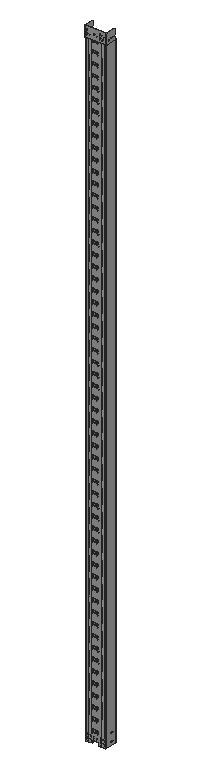
Revit family "Kabelrinne MKSM- MKSM 610 FS", category Generic Models, Revit 2017 (continued)
Forms (mm)
  Extrusion 214, void
    sketch origin (0, 0, 1421.436) x (0, 1, 0) y (0, 0, 1)
      loop
        arc (39.722, 82.75) -> (36.222, 86.25) -> (32.722, 82.75) r 3.5
        line (32.722, 82.75) -> (32.722, 69.75)
    from 49 to 50
  Extrusion 215, void
    sketch origin (0, 0, 1472.202) x (0, 1, 0) y (0, 0, 1)
      loop
        arc (7.722, 69.75) -> (11.222, 66.25) -> (14.722, 69.75) r 3.5
        line (14.722, 69.75) -> (14.722, 82.75)
        arc (14.722, 82.75) -> (11.222, 86.25) -> (7.722, 82.75) r 3.5
        line (7.722, 82.75) -> (7.722, 69.75)
      loop
        arc (32.722, 69.75) -> (36.222, 66.25) -> (39.722, 69.75) r 3.5
        line (39.722, 69.75) -> (39.722, 82.75)
        arc (39.722, 82.75) -> (36.222, 86.25) -> (32.722, 82.75) r 3.5
        line (32.722, 82.75) -> (32.722, 69.75)
    from 49 to 50
  Extrusion 216, void
    sketch origin (0, 0, 1522.967) x (0, 1, 0) y (0, 0, 1)
      loop
        arc (7.722, 69.75) -> (11.222, 66.25) -> (14.722, 69.75) r 3.5
        line (14.722, 69.75) -> (14.722, 82.75)
        arc (14.722, 82.75) -> (11.222, 86.25) -> (7.722, 82.75) r 3.5
        line (7.722, 82.75) -> (7.722, 69.75)
      loop
        arc (32.722, 69.75) -> (36.222, 66.25) -> (39.722, 69.75) r 3.5
        line (39.722, 69.75) -> (39.722, 82.75)
        arc (39.722, 82.75) -> (36.222, 86.25) -> (32.722, 82.75) r 3.5
        line (32.722, 82.75) -> (32.722, 69.75)
    from 49 to 50
  Extrusion 217, void
    sketch origin (0, 0, 1573.733) x (0, 1, 0) y (0, 0, 1)
      loop
        arc (7.722, 69.75) -> (11.222, 66.25) -> (14.722, 69.75) r 3.5
        line (14.722, 69.75) -> (14.722, 82.75)
        arc (14.722, 82.75) -> (11.222, 86.25) -> (7.722, 82.75) r 3.5
        line (7.722, 82.75) -> (7.722, 69.75)
      loop
        arc (32.722, 69.75) -> (36.222, 66.25) -> (39.722, 69.75) r 3.5
        line (39.722, 69.75) -> (39.722, 82.75)
        arc (39.722, 82.75) -> (36.222, 86.25) -> (32.722, 82.75) r 3.5
        line (32.722, 82.75) -> (32.722, 69.75)
    from 49 to 50
  Extrusion 218, void
    sketch origin (0, 0, 1624.498) x (0, 1, 0) y (0, 0, 1)
      loop
        arc (7.722, 69.75) -> (11.222, 66.25) -> (14.722, 69.75) r 3.5
        line (14.722, 69.75) -> (14.722, 82.75)
        arc (14.722, 82.75) -> (11.222, 86.25) -> (7.722, 82.75) r 3.5
        line (7.722, 82.75) -> (7.722, 69.75)
      loop
        arc (32.722, 69.75) -> (36.222, 66.25) -> (39.722, 69.75) r 3.5
        line (39.722, 69.75) -> (39.722, 82.75)
        arc (39.722, 82.75) -> (36.222, 86.25) -> (32.722, 82.75) r 3.5
        line (32.722, 82.75) -> (32.722, 69.75)
    from 49 to 50
  Extrusion 219, void
    sketch origin (0, 0, 1675.264) x (0, 1, 0) y (0, 0, 1)
      loop
        arc (7.722, 69.75) -> (11.222, 66.25) -> (14.722, 69.75) r 3.5
        line (14.722, 69.75) -> (14.722, 82.75)
        arc (14.722, 82.75) -> (11.222, 86.25) -> (7.722, 82.75) r 3.5
        line (7.722, 82.75) -> (7.722, 69.75)
      loop
        arc (32.722, 69.75) -> (36.222, 66.25) -> (39.722, 69.75) r 3.5
        line (39.722, 69.75) -> (39.722, 82.75)
        arc (39.722, 82.75) -> (36.222, 86.25) -> (32.722, 82.75) r 3.5
        line (32.722, 82.75) -> (32.722, 69.75)
    from 49 to 50
  Extrusion 220, void
    sketch origin (0, 0, 1726.03) x (0, 1, 0) y (0, 0, 1)
      loop
        arc (7.722, 69.75) -> (11.222, 66.25) -> (14.722, 69.75) r 3.5
        line (14.722, 69.75) -> (14.722, 82.75)
        arc (14.722, 82.75) -> (11.222, 86.25) -> (7.722, 82.75) r 3.5
        line (7.722, 82.75) -> (7.722, 69.75)
      loop
        arc (32.722, 69.75) -> (36.222, 66.25) -> (39.722, 69.75) r 3.5
        line (39.722, 69.75) -> (39.722, 82.75)
        arc (39.722, 82.75) -> (36.222, 86.25) -> (32.722, 82.75) r 3.5
        line (32.722, 82.75) -> (32.722, 69.75)
    from 49 to 50
  Extrusion 221, void
    sketch origin (0, 0, 1776.795) x (0, 1, 0) y (0, 0, 1)
      loop
        arc (7.722, 69.75) -> (11.222, 66.25) -> (14.722, 69.75) r 3.5
        line (14.722, 69.75) -> (14.722, 82.75)
        arc (14.722, 82.75) -> (11.222, 86.25) -> (7.722, 82.75) r 3.5
        line (7.722, 82.75) -> (7.722, 69.75)
      loop
        arc (32.722, 69.75) -> (36.222, 66.25) -> (39.722, 69.75) r 3.5
        line (39.722, 69.75) -> (39.722, 82.75)
        arc (39.722, 82.75) -> (36.222, 86.25) -> (32.722, 82.75) r 3.5
        line (32.722, 82.75) -> (32.722, 69.75)
    from 49 to 50
  Extrusion 222, void
    sketch origin (0, 0, 1827.561) x (0, 1, 0) y (0, 0, 1)
      loop
        arc (7.722, 69.75) -> (11.222, 66.25) -> (14.722, 69.75) r 3.5
        line (14.722, 69.75) -> (14.722, 82.75)
        arc (14.722, 82.75) -> (11.222, 86.25) -> (7.722, 82.75) r 3.5
        line (7.722, 82.75) -> (7.722, 69.75)
      loop
        arc (32.722, 69.75) -> (36.222, 66.25) -> (39.722, 69.75) r 3.5
        line (39.722, 69.75) -> (39.722, 82.75)
        arc (39.722, 82.75) -> (36.222, 86.25) -> (32.722, 82.75) r 3.5
        line (32.722, 82.75) -> (32.722, 69.75)
    from 49 to 50
  Extrusion 223, void
    sketch origin (0, 0, 1878.326) x (0, 1, 0) y (0, 0, 1)
      loop
        arc (7.722, 69.75) -> (11.222, 66.25) -> (14.722, 69.75) r 3.5
        line (14.722, 69.75) -> (14.722, 82.75)
        arc (14.722, 82.75) -> (11.222, 86.25) -> (7.722, 82.75) r 3.5
        line (7.722, 82.75) -> (7.722, 69.75)
      loop
        arc (32.722, 69.75) -> (36.222, 66.25) -> (39.722, 69.75) r 3.5
        line (39.722, 69.75) -> (39.722, 82.75)
        arc (39.722, 82.75) -> (36.222, 86.25) -> (32.722, 82.75) r 3.5
        line (32.722, 82.75) -> (32.722, 69.75)
    from 49 to 50
  Extrusion 224, void
    sketch origin (0, 0, 1929.092) x (0, 1, 0) y (0, 0, 1)
      loop
        arc (7.722, 69.75) -> (11.222, 66.25) -> (14.722, 69.75) r 3.5
        line (14.722, 69.75) -> (14.722, 82.75)
        arc (14.722, 82.75) -> (11.222, 86.25) -> (7.722, 82.75) r 3.5
        line (7.722, 82.75) -> (7.722, 69.75)
      loop
        arc (32.722, 69.75) -> (36.222, 66.25) -> (39.722, 69.75) r 3.5
        line (39.722, 69.75) -> (39.722, 82.75)
        arc (39.722, 82.75) -> (36.222, 86.25) -> (32.722, 82.75) r 3.5
        line (32.722, 82.75) -> (32.722, 69.75)
    from 49 to 50
  Extrusion 225, void
    sketch origin (0, 0, 1979.857) x (0, 1, 0) y (0, 0, 1)
      loop
        arc (7.722, 69.75) -> (11.222, 66.25) -> (14.722, 69.75) r 3.5
        line (14.722, 69.75) -> (14.722, 82.75)
        arc (14.722, 82.75) -> (11.222, 86.25) -> (7.722, 82.75) r 3.5
        line (7.722, 82.75) -> (7.722, 69.75)
      loop
        arc (32.722, 69.75) -> (36.222, 66.25) -> (39.722, 69.75) r 3.5
        line (39.722, 69.75) -> (39.722, 82.75)
        arc (39.722, 82.75) -> (36.222, 86.25) -> (32.722, 82.75) r 3.5
        line (32.722, 82.75) -> (32.722, 69.75)
    from 49 to 50
  Extrusion 226, void
    sketch origin (0, 0, 2030.623) x (0, 1, 0) y (0, 0, 1)
      loop
        arc (7.722, 69.75) -> (11.222, 66.25) -> (14.722, 69.75) r 3.5
        line (14.722, 69.75) -> (14.722, 82.75)
        arc (14.722, 82.75) -> (11.222, 86.25) -> (7.722, 82.75) r 3.5
        line (7.722, 82.75) -> (7.722, 69.75)
      loop
        arc (32.722, 69.75) -> (36.222, 66.25) -> (39.722, 69.75) r 3.5
        line (39.722, 69.75) -> (39.722, 82.75)
        arc (39.722, 82.75) -> (36.222, 86.25) -> (32.722, 82.75) r 3.5
        line (32.722, 82.75) -> (32.722, 69.75)
    from 49 to 50
  Extrusion 227, void
    sketch origin (0, 0, 2081.389) x (0, 1, 0) y (0, 0, 1)
      loop
        arc (7.722, 69.75) -> (11.222, 66.25) -> (14.722, 69.75) r 3.5
        line (14.722, 69.75) -> (14.722, 82.75)
        arc (14.722, 82.75) -> (11.222, 86.25) -> (7.722, 82.75) r 3.5
        line (7.722, 82.75) -> (7.722, 69.75)
      loop
        arc (32.722, 69.75) -> (36.222, 66.25) -> (39.722, 69.75) r 3.5
        line (39.722, 69.75) -> (39.722, 82.75)
        arc (39.722, 82.75) -> (36.222, 86.25) -> (32.722, 82.75) r 3.5
        line (32.722, 82.75) -> (32.722, 69.75)
    from 49 to 50
  Extrusion 228, void
    sketch origin (0, 0, 2132.154) x (0, 1, 0) y (0, 0, 1)
      loop
        arc (7.722, 69.75) -> (11.222, 66.25) -> (14.722, 69.75) r 3.5
        line (14.722, 69.75) -> (14.722, 82.75)
        arc (14.722, 82.75) -> (11.222, 86.25) -> (7.722, 82.75) r 3.5
        line (7.722, 82.75) -> (7.722, 69.75)
      loop
        arc (32.722, 69.75) -> (36.222, 66.25) -> (39.722, 69.75) r 3.5
        line (39.722, 69.75) -> (39.722, 82.75)
        arc (39.722, 82.75) -> (36.222, 86.25) -> (32.722, 82.75) r 3.5
        line (32.722, 82.75) -> (32.722, 69.75)
    from 49 to 50
  Extrusion 229, void
    sketch origin (0, 0, 2182.92) x (0, 1, 0) y (0, 0, 1)
      loop
        arc (7.722, 69.75) -> (11.222, 66.25) -> (14.722, 69.75) r 3.5
        line (14.722, 69.75) -> (14.722, 82.75)
        arc (14.722, 82.75) -> (11.222, 86.25) -> (7.722, 82.75) r 3.5
        line (7.722, 82.75) -> (7.722, 69.75)
      loop
        arc (32.722, 69.75) -> (36.222, 66.25) -> (39.722, 69.75) r 3.5
        line (39.722, 69.75) -> (39.722, 82.75)
        arc (39.722, 82.75) -> (36.222, 86.25) -> (32.722, 82.75) r 3.5
        line (32.722, 82.75) -> (32.722, 69.75)
    from 49 to 50
  Extrusion 230, void
    sketch origin (0, 0, 2233.685) x (0, 1, 0) y (0, 0, 1)
      loop
        arc (7.722, 69.75) -> (11.222, 66.25) -> (14.722, 69.75) r 3.5
        line (14.722, 69.75) -> (14.722, 82.75)
        arc (14.722, 82.75) -> (11.222, 86.25) -> (7.722, 82.75) r 3.5
        line (7.722, 82.75) -> (7.722, 69.75)
      loop
        arc (32.722, 69.75) -> (36.222, 66.25) -> (39.722, 69.75) r 3.5
        line (39.722, 69.75) -> (39.722, 82.75)
        arc (39.722, 82.75) -> (36.222, 86.25) -> (32.722, 82.75) r 3.5
        line (32.722, 82.75) -> (32.722, 69.75)
    from 49 to 50
  Extrusion 231, void
    sketch origin (0, 0, 2284.451) x (0, 1, 0) y (0, 0, 1)
      loop
        arc (7.722, 69.75) -> (11.222, 66.25) -> (14.722, 69.75) r 3.5
        line (14.722, 69.75) -> (14.722, 82.75)
        arc (14.722, 82.75) -> (11.222, 86.25) -> (7.722, 82.75) r 3.5
        line (7.722, 82.75) -> (7.722, 69.75)
      loop
        arc (32.722, 69.75) -> (36.222, 66.25) -> (39.722, 69.75) r 3.5
        line (39.722, 69.75) -> (39.722, 82.75)
        arc (39.722, 82.75) -> (36.222, 86.25) -> (32.722, 82.75) r 3.5
        line (32.722, 82.75) -> (32.722, 69.75)
    from 49 to 50
  Extrusion 232, void
    sketch origin (0, 0, 2335.216) x (0, 1, 0) y (0, 0, 1)
      loop
        arc (7.722, 69.75) -> (11.222, 66.25) -> (14.722, 69.75) r 3.5
        line (14.722, 69.75) -> (14.722, 82.75)
        arc (14.722, 82.75) -> (11.222, 86.25) -> (7.722, 82.75) r 3.5
        line (7.722, 82.75) -> (7.722, 69.75)
      loop
        arc (32.722, 69.75) -> (36.222, 66.25) -> (39.722, 69.75) r 3.5
        line (39.722, 69.75) -> (39.722, 82.75)
        arc (39.722, 82.75) -> (36.222, 86.25) -> (32.722, 82.75) r 3.5
        line (32.722, 82.75) -> (32.722, 69.75)
    from 49 to 50
  Extrusion 233, void
    sketch origin (0, 0, 2385.982) x (0, 1, 0) y (0, 0, 1)
      loop
        arc (7.722, 69.75) -> (11.222, 66.25) -> (14.722, 69.75) r 3.5
        line (14.722, 69.75) -> (14.722, 82.75)
        arc (14.722, 82.75) -> (11.222, 86.25) -> (7.722, 82.75) r 3.5
        line (7.722, 82.75) -> (7.722, 69.75)
      loop
        arc (32.722, 69.75) -> (36.222, 66.25) -> (39.722, 69.75) r 3.5
        line (39.722, 69.75) -> (39.722, 82.75)
        arc (39.722, 82.75) -> (36.222, 86.25) -> (32.722, 82.75) r 3.5
        line (32.722, 82.75) -> (32.722, 69.75)
    from 49 to 50
  Extrusion 234, void
    sketch origin (0, 0, 2436.748) x (0, 1, 0) y (0, 0, 1)
      loop
        arc (7.722, 69.75) -> (11.222, 66.25) -> (14.722, 69.75) r 3.5
        line (14.722, 69.75) -> (14.722, 82.75)
        arc (14.722, 82.75) -> (11.222, 86.25) -> (7.722, 82.75) r 3.5
        line (7.722, 82.75) -> (7.722, 69.75)
      loop
        arc (32.722, 69.75) -> (36.222, 66.25) -> (39.722, 69.75) r 3.5
        line (39.722, 69.75) -> (39.722, 82.75)
        arc (39.722, 82.75) -> (36.222, 86.25) -> (32.722, 82.75) r 3.5
        line (32.722, 82.75) -> (32.722, 69.75)
    from 49 to 50
  Extrusion 235, void
    sketch origin (0, 0, 2487.513) x (0, 1, 0) y (0, 0, 1)
      loop
        arc (7.722, 69.75) -> (11.222, 66.25) -> (14.722, 69.75) r 3.5
        line (14.722, 69.75) -> (14.722, 82.75)
        arc (14.722, 82.75) -> (11.222, 86.25) -> (7.722, 82.75) r 3.5
        line (7.722, 82.75) -> (7.722, 69.75)
      loop
        arc (32.722, 69.75) -> (36.222, 66.25) -> (39.722, 69.75) r 3.5
        line (39.722, 69.75) -> (39.722, 82.75)
        arc (39.722, 82.75) -> (36.222, 86.25) -> (32.722, 82.75) r 3.5
        line (32.722, 82.75) -> (32.722, 69.75)
    from 49 to 50
  Extrusion 236, void
    sketch origin (0, 0, 2538.279) x (0, 1, 0) y (0, 0, 1)
      loop
        arc (7.722, 69.75) -> (11.222, 66.25) -> (14.722, 69.75) r 3.5
        line (14.722, 69.75) -> (14.722, 82.75)
        arc (14.722, 82.75) -> (11.222, 86.25) -> (7.722, 82.75) r 3.5
        line (7.722, 82.75) -> (7.722, 69.75)
      loop
        arc (32.722, 69.75) -> (36.222, 66.25) -> (39.722, 69.75) r 3.5
        line (39.722, 69.75) -> (39.722, 82.75)
        arc (39.722, 82.75) -> (36.222, 86.25) -> (32.722, 82.75) r 3.5
        line (32.722, 82.75) -> (32.722, 69.75)
    from 49 to 50
  Extrusion 237, void
    sketch origin (0, 0, 2589.044) x (0, 1, 0) y (0, 0, 1)
      loop
        arc (7.722, 69.75) -> (11.222, 66.25) -> (14.722, 69.75) r 3.5
        line (14.722, 69.75) -> (14.722, 82.75)
        arc (14.722, 82.75) -> (11.222, 86.25) -> (7.722, 82.75) r 3.5
        line (7.722, 82.75) -> (7.722, 69.75)
      loop
        arc (32.722, 69.75) -> (36.222, 66.25) -> (39.722, 69.75) r 3.5
        line (39.722, 69.75) -> (39.722, 82.75)
        arc (39.722, 82.75) -> (36.222, 86.25) -> (32.722, 82.75) r 3.5
        line (32.722, 82.75) -> (32.722, 69.75)
    from 49 to 50
  Extrusion 238, void
    sketch origin (0, 0, 2639.81) x (0, 1, 0) y (0, 0, 1)
      loop
        arc (7.722, 69.75) -> (11.222, 66.25) -> (14.722, 69.75) r 3.5
        line (14.722, 69.75) -> (14.722, 82.75)
        arc (14.722, 82.75) -> (11.222, 86.25) -> (7.722, 82.75) r 3.5
        line (7.722, 82.75) -> (7.722, 69.75)
      loop
        arc (32.722, 69.75) -> (36.222, 66.25) -> (39.722, 69.75) r 3.5
        line (39.722, 69.75) -> (39.722, 82.75)
        arc (39.722, 82.75) -> (36.222, 86.25) -> (32.722, 82.75) r 3.5
        line (32.722, 82.75) -> (32.722, 69.75)
    from 49 to 50
  Extrusion 239, void
    sketch origin (0, 0, 2690.575) x (0, 1, 0) y (0, 0, 1)
      loop
        arc (7.722, 69.75) -> (11.222, 66.25) -> (14.722, 69.75) r 3.5
        line (14.722, 69.75) -> (14.722, 82.75)
        arc (14.722, 82.75) -> (11.222, 86.25) -> (7.722, 82.75) r 3.5
        line (7.722, 82.75) -> (7.722, 69.75)
      loop
        arc (32.722, 69.75) -> (36.222, 66.25) -> (39.722, 69.75) r 3.5
        line (39.722, 69.75) -> (39.722, 82.75)
        arc (39.722, 82.75) -> (36.222, 86.25) -> (32.722, 82.75) r 3.5
        line (32.722, 82.75) -> (32.722, 69.75)
    from 49 to 50
  Extrusion 240, void
    sketch origin (0, 0, 2741.341) x (0, 1, 0) y (0, 0, 1)
      loop
        arc (7.722, 69.75) -> (11.222, 66.25) -> (14.722, 69.75) r 3.5
        line (14.722, 69.75) -> (14.722, 82.75)
        arc (14.722, 82.75) -> (11.222, 86.25) -> (7.722, 82.75) r 3.5
        line (7.722, 82.75) -> (7.722, 69.75)
      loop
        arc (32.722, 69.75) -> (36.222, 66.25) -> (39.722, 69.75) r 3.5
        line (39.722, 69.75) -> (39.722, 82.75)
        arc (39.722, 82.75) -> (36.222, 86.25) -> (32.722, 82.75) r 3.5
        line (32.722, 82.75) -> (32.722, 69.75)
    from 49 to 50
  Extrusion 241, void
    sketch origin (0, 0, 2792.107) x (0, 1, 0) y (0, 0, 1)
      loop
        arc (7.722, 69.75) -> (11.222, 66.25) -> (14.722, 69.75) r 3.5
        line (14.722, 69.75) -> (14.722, 82.75)
        arc (14.722, 82.75) -> (11.222, 86.25) -> (7.722, 82.75) r 3.5
        line (7.722, 82.75) -> (7.722, 69.75)
      loop
        arc (32.722, 69.75) -> (36.222, 66.25) -> (39.722, 69.75) r 3.5
        line (39.722, 69.75) -> (39.722, 82.75)
        arc (39.722, 82.75) -> (36.222, 86.25) -> (32.722, 82.75) r 3.5
        line (32.722, 82.75) -> (32.722, 69.75)
    from 49 to 50
  Extrusion 242, void
    sketch origin (0, 0, 2842.872) x (0, 1, 0) y (0, 0, 1)
      loop
        arc (7.722, 69.75) -> (11.222, 66.25) -> (14.722, 69.75) r 3.5
        line (14.722, 69.75) -> (14.722, 82.75)
        arc (14.722, 82.75) -> (11.222, 86.25) -> (7.722, 82.75) r 3.5
        line (7.722, 82.75) -> (7.722, 69.75)
      loop
        arc (32.722, 69.75) -> (36.222, 66.25) -> (39.722, 69.75) r 3.5
        line (39.722, 69.75) -> (39.722, 82.75)
        arc (39.722, 82.75) -> (36.222, 86.25) -> (32.722, 82.75) r 3.5
        line (32.722, 82.75) -> (32.722, 69.75)
    from 49 to 50
  Extrusion 243, void
    sketch origin (0, 0, 2893.638) x (0, 1, 0) y (0, 0, 1)
      loop
        arc (7.722, 69.75) -> (11.222, 66.25) -> (14.722, 69.75) r 3.5
        line (14.722, 69.75) -> (14.722, 82.75)
        arc (14.722, 82.75) -> (11.222, 86.25) -> (7.722, 82.75) r 3.5
        line (7.722, 82.75) -> (7.722, 69.75)
      loop
        arc (32.722, 69.75) -> (36.222, 66.25) -> (39.722, 69.75) r 3.5
        line (39.722, 69.75) -> (39.722, 82.75)
        arc (39.722, 82.75) -> (36.222, 86.25) -> (32.722, 82.75) r 3.5
        line (32.722, 82.75) -> (32.722, 69.75)
    from 49 to 50
Cuts and joins
  Extrusion 3, Extrusion 4, Extrusion 5, Extrusion 8 cuts Extrusion 2
  Extrusion 6, Extrusion 7, Extrusion 9, Extrusion 10, Extrusion 11, Extrusion 12, Extrusion 13, Extrusion 14, Extrusion 15, Extrusion 16, Extrusion 17, Extrusion 18, Extrusion 19, Extrusion 20, Extrusion 21, Extrusion 22, Extrusion 23, Extrusion 24, Extrusion 25, Extrusion 26, Extrusion 27, Extrusion 28, Extrusion 29, Extrusion 30, Extrusion 31, Extrusion 32, Extrusion 33, Extrusion 34, Extrusion 35, Extrusion 36, Extrusion 37, Extrusion 38, Extrusion 39, Extrusion 40, Extrusion 41, Extrusion 42, Extrusion 43, Extrusion 44, Extrusion 45, Extrusion 46, Extrusion 47, Extrusion 48, Extrusion 49, Extrusion 50, Extrusion 51, Extrusion 52, Extrusion 53, Extrusion 54, Extrusion 55, Extrusion 56, Extrusion 57, Extrusion 58, Extrusion 59, Extrusion 60, Extrusion 61, Extrusion 62, Extrusion 63, Extrusion 64, Extrusion 65, Extrusion 66, Extrusion 67, Extrusion 68, Extrusion 69, Extrusion 70, Extrusion 71, Extrusion 72, Extrusion 73, Extrusion 74, Extrusion 75, Extrusion 76, Extrusion 77, Extrusion 78, Extrusion 79, Extrusion 80, Extrusion 81, Extrusion 82, Extrusion 83, Extrusion 84, Extrusion 85, Extrusion 86, Extrusion 87, Extrusion 88, Extrusion 89, Extrusion 90, Extrusion 91, Extrusion 92, Extrusion 93, Extrusion 94, Extrusion 95, Extrusion 96, Extrusion 97, Extrusion 98, Extrusion 99, Extrusion 100, Extrusion 101, Extrusion 102, Extrusion 103, Extrusion 104, Extrusion 105, Extrusion 106, Extrusion 107, Extrusion 108, Extrusion 109, Extrusion 110, Extrusion 111, Extrusion 112, Extrusion 113, Extrusion 114, Extrusion 115, Extrusion 116, Extrusion 117, Extrusion 118, Extrusion 119, Extrusion 120, Extrusion 121, Extrusion 122, Extrusion 123, Extrusion 124, Extrusion 125, Extrusion 126, Extrusion 127, Extrusion 128, Extrusion 129, Extrusion 130, Extrusion 131, Extrusion 132, Extrusion 133, Extrusion 134, Extrusion 135, Extrusion 136, Extrusion 137, Extrusion 138, Extrusion 139, Extrusion 140, Extrusion 141, Extrusion 142, Extrusion 143, Extrusion 144, Extrusion 145, Extrusion 146, Extrusion 147, Extrusion 148, Extrusion 149, Extrusion 150, Extrusion 151, Extrusion 152, Extrusion 153, Extrusion 154, Extrusion 155, Extrusion 156, Extrusion 157, Extrusion 158, Extrusion 159, Extrusion 160, Extrusion 161, Extrusion 162, Extrusion 163, Extrusion 164, Extrusion 165, Extrusion 166, Extrusion 167, Extrusion 168, Extrusion 169, Extrusion 170, Extrusion 171, Extrusion 172, Extrusion 173, Extrusion 174, Extrusion 175, Extrusion 176, Extrusion 177, Extrusion 178, Extrusion 179, Extrusion 180, Extrusion 181, Extrusion 182, Extrusion 183, Extrusion 184, Extrusion 185, Extrusion 186, Extrusion 187, Extrusion 188, Extrusion 189, Extrusion 190, Extrusion 191, Extrusion 192, Extrusion 193, Extrusion 194, Extrusion 195, Extrusion 196, Extrusion 197, Extrusion 198, Extrusion 199, Extrusion 200, Extrusion 201, Extrusion 202, Extrusion 203, Extrusion 204, Extrusion 205, Extrusion 206, Extrusion 207, Extrusion 208, Extrusion 209, Extrusion 210, Extrusion 211, Extrusion 212, Extrusion 213, Extrusion 214, Extrusion 215, Extrusion 216, Extrusion 217, Extrusion 218, Extrusion 219, Extrusion 220, Extrusion 221, Extrusion 222, Extrusion 223, Extrusion 224, Extrusion 225, Extrusion 226, Extrusion 227, Extrusion 228, Extrusion 229, Extrusion 230, Extrusion 231, Extrusion 232, Extrusion 233, Extrusion 234, Extrusion 235, Extrusion 236, Extrusion 237, Extrusion 238, Extrusion 239, Extrusion 240, Extrusion 241, Extrusion 242, Extrusion 243 cuts Extrusion 1
Dimensions and locks
  "Width": Extrusion 1 sketch curve to Extrusion 1 sketch curve
  "Width 1": plane 3 "Center (Left/Right)" to Extrusion 1 sketch curve
  locked: plane 6 to plane 3 "Center (Left/Right)" at 31
  locked: plane 3 "Center (Left/Right)" to plane 7 at 31
  locked: plane 8 to plane 1 "Center (Front/Back)" at 3.5
  locked: Extrusion 1 sketch curve to Extrusion 1 sketch curve at 1  (x7)
  Extrusion 1 sketch curve to Extrusion 1 sketch curve = 1 mm
  locked: Extrusion 1 sketch curve to Extrusion 1 sketch curve at 8.999
  locked: Extrusion 1 sketch curve to Extrusion 1 sketch curve at 8.962
  locked: Extrusion 1 sketch curve to Extrusion 1 sketch curve at 7.999
  locked: Extrusion 1 sketch curve to Extrusion 1 sketch curve at 7.962
  locked: Extrusion 1 sketch curve to Extrusion 1 sketch curve at 4.113
  locked: Extrusion 1 sketch curve to Extrusion 1 sketch curve at 3.155
  locked: Extrusion 1 sketch curve to Extrusion 1 sketch curve at 3.113
  locked: Extrusion 1 sketch curve to Extrusion 1 sketch curve at 2.912
  locked: Extrusion 1 sketch curve to plane 1 "Center (Front/Back)" at 3.155
  locked: plane 1 "Center (Front/Back)" to Extrusion 1 sketch curve at 51.001
  locked: plane 1 "Center (Front/Back)" to Extrusion 1 sketch curve at 51.033
  locked: plane 9 to level at 3000
  locked: plane 12 to plane 3 "Center (Left/Right)" at 51.75
  locked: plane 3 "Center (Left/Right)" to plane 13 at 51.75
  locked: plane 11 to plane 1 "Center (Front/Back)" at 1.75
  locked: plane 1 "Center (Front/Back)" to plane 10 at 48.25
  locked: Extrusion 2 sketch curve to Extrusion 2 sketch curve at 1  (x3)
  locked: Extrusion 2 sketch curve to Extrusion 2 sketch curve at 50  (x2)
  locked: Extrusion 2 sketch curve to Extrusion 1 at 0.75
  "Width 2": Extrusion 2 sketch curve to Extrusion 2 sketch curve
  "Width/2": plane 3 "Center (Left/Right)" to Extrusion 2 sketch curve
  locked: plane 14 to plane 9 at 51.5
  locked: Extrusion 1 to plane 15 at 17.5
  locked: plane 16 to plane 15 at 4.25
  locked: Extrusion 3 sketch curve to Extrusion 3 sketch curve at 8.5
  locked: Extrusion 3 sketch curve to plane 16 at 4.25
  locked: plane 19 to plane 18 at 8.5
  locked: Extrusion 3 sketch curve to plane 19 at 8.5
  locked: plane 19 to Extrusion 3 sketch curve at 8.5
  locked: cut or joined group of Extrusion 2, Extrusion 3, Extrusion 4, Extrusion 5, Extrusion 8 to plane 20 at 30
  locked: plane 22 to plane 21 at 22.25
  plane 22 to Extrusion 4 sketch curve = 29.6 mm
  locked: cut or joined group of Extrusion 2, Extrusion 3, Extrusion 4, Extrusion 5, Extrusion 8 to plane 23 at 15
  locked: Extrusion 4 sketch curve to Extrusion 4 sketch curve at 4
  locked: Extrusion 4 sketch curve to plane 23 at 4.99
  locked: plane 23 to Extrusion 4 sketch curve at 5
  locked: plane 25 to Extrusion 1 at 17.5
  locked: plane 25 to plane 28 at 8.5
  locked: cut or joined group of Extrusion 2, Extrusion 3, Extrusion 4, Extrusion 5, Extrusion 8 to plane 27 at 28
  locked: plane 29 to plane 24 at 22.25
  locked: cut or joined group of Extrusion 2, Extrusion 3, Extrusion 4, Extrusion 5, Extrusion 8 to plane 30 at 30
  locked: plane 30 to plane 31 at 5
  cut or joined group of Extrusion 2, Extrusion 3, Extrusion 4, Extrusion 5, Extrusion 8 to plane 37 = 10 mm
  locked: cut or joined group of Extrusion 2, Extrusion 3, Extrusion 4, Extrusion 5, Extrusion 8 to plane 38 at 20
  locked: plane 36 to plane 24 at 29.6
  locked: plane 36 to plane 35 at 4
  locked: Extrusion 1 to plane 39 at 13.5
  locked: Extrusion 1 to plane 40 at 22.75
  Extrusion 1 to plane 41 = 35.85 mm
  locked: Extrusion 1 to plane 42 at 10.3
  locked: Extrusion 6 sketch curve to plane 43 at 12.25
  locked: plane 43 to plane 44 at 4
  locked: plane 45 to plane 43 at 4
  Extrusion 6 sketch curve to Extrusion 6 sketch curve = 8 mm
  locked: Extrusion 6 sketch curve to plane 39 at 4
  locked: plane 47 to Extrusion 6 sketch curve at 30
  locked: Extrusion 1 to plane 48 at 27.5
  locked: Extrusion 6 sketch curve to Extrusion 6 sketch curve at 8  (x2)
  locked: plane 41 to Extrusion 6 sketch curve at 4
  locked: Extrusion 6 sketch curve to plane 48 at 4
  locked: Extrusion 1 to plane 50 at 14
  locked: Extrusion 6 sketch curve to Extrusion 6 sketch curve at 7  (x2)
  locked: plane 50 to Extrusion 6 sketch curve at 3.5
  locked: Extrusion 6 sketch curve to plane 49 at 3.5
  Extrusion 6 sketch curve to plane 41 = 7.5 mm
  locked: Extrusion 6 sketch curve to plane 41 at 7.5
  locked: plane 41 to Extrusion 6 sketch curve at 7.5
  locked: plane 54 to cut or joined group 1 (Extrusion 1, Extrusion 6, Extrusion 7, Extrusion 9, Extrusion 10, Extrusion 11, Extrusion 12, Extrusion 13, Extrusion 14, Extrusion 15, Extrusion 16, Extrusion 17, Extrusion 18, Extrusion 19, Extrusion 20, Extrusion 21, Extrusion 22, Extrusion 23, Extrusion 24, Extrusion 25, Extrusion 26, Extrusion 27, Extrusion 28, Extrusion 29, Extrusion 30, Extrusion 31, Extrusion 32, Extrusion 33, Extrusion 34, Extrusion 35, Extrusion 36, Extrusion 37, Extrusion 38, Extrusion 39, Extrusion 40, Extrusion 41, Extrusion 42, Extrusion 43, Extrusion 44, Extrusion 45, Extrusion 46, Extrusion 47, Extrusion 48, Extrusion 49, Extrusion 50, Extrusion 51, Extrusion 52, Extrusion 53, Extrusion 54, Extrusion 55, Extrusion 56, Extrusion 57, Extrusion 58, Extrusion 59, Extrusion 60, Extrusion 61, Extrusion 62, Extrusion 63, Extrusion 64, Extrusion 65, Extrusion 66, Extrusion 67, Extrusion 68, Extrusion 69, Extrusion 70, Extrusion 71, Extrusion 72, Extrusion 73, Extrusion 74, Extrusion 75, Extrusion 76, Extrusion 77, Extrusion 78, Extrusion 79, Extrusion 80, Extrusion 81, Extrusion 82, Extrusion 83, Extrusion 84, Extrusion 85, Extrusion 86, Extrusion 87, Extrusion 88, Extrusion 89, Extrusion 90, Extrusion 91, Extrusion 92, Extrusion 93, Extrusion 94, Extrusion 95, Extrusion 96, Extrusion 97, Extrusion 98, Extrusion 99, Extrusion 100, Extrusion 101, Extrusion 102, Extrusion 103, Extrusion 104, Extrusion 105, Extrusion 106, Extrusion 107, Extrusion 108, Extrusion 109, Extrusion 110, Extrusion 111, Extrusion 112, Extrusion 113, Extrusion 114, Extrusion 115, Extrusion 116, Extrusion 117, Extrusion 118, Extrusion 119, Extrusion 120, Extrusion 121, Extrusion 122, Extrusion 123, Extrusion 124, Extrusion 125, Extrusion 126, Extrusion 127, Extrusion 128, Extrusion 129, Extrusion 130, Extrusion 131, Extrusion 132, Extrusion 133, Extrusion 134, Extrusion 135, Extrusion 136, Extrusion 137, Extrusion 138, Extrusion 139, Extrusion 140, Extrusion 141, Extrusion 142, Extrusion 143, Extrusion 144, Extrusion 145, Extrusion 146, Extrusion 147, Extrusion 148, Extrusion 149, Extrusion 150, Extrusion 151, Extrusion 152, Extrusion 153, Extrusion 154, Extrusion 155, Extrusion 156, Extrusion 157, Extrusion 158, Extrusion 159, Extrusion 160, Extrusion 161, Extrusion 162, Extrusion 163, Extrusion 164, Extrusion 165, Extrusion 166, Extrusion 167, Extrusion 168, Extrusion 169, Extrusion 170, Extrusion 171, Extrusion 172, Extrusion 173, Extrusion 174, Extrusion 175, Extrusion 176, Extrusion 177, Extrusion 178, Extrusion 179, Extrusion 180, Extrusion 181, Extrusion 182, Extrusion 183, Extrusion 184, Extrusion 185, Extrusion 186, Extrusion 187, Extrusion 188, Extrusion 189, Extrusion 190, Extrusion 191, Extrusion 192, Extrusion 193, Extrusion 194, Extrusion 195, Extrusion 196, Extrusion 197, Extrusion 198, Extrusion 199, Extrusion 200, Extrusion 201, Extrusion 202, Extrusion 203, Extrusion 204, Extrusion 205, Extrusion 206, Extrusion 207, Extrusion 208, Extrusion 209, Extrusion 210, Extrusion 211, Extrusion 212, Extrusion 213, Extrusion 214, Extrusion 215, Extrusion 216, Extrusion 217, Extrusion 218, Extrusion 219, Extrusion 220, Extrusion 221, Extrusion 222, Extrusion 223, Extrusion 224, Extrusion 225, Extrusion 226, Extrusion 227, Extrusion 228, Extrusion 229, Extrusion 230, Extrusion 231, Extrusion 232, Extrusion 233, Extrusion 234, Extrusion 235, Extrusion 236, Extrusion 237, Extrusion 238, Extrusion 239, Extrusion 240, Extrusion 241, Extrusion 242, Extrusion 243) at 13.5
  locked: plane 55 to cut or joined group 1 at 14.744
  locked: plane 57 to cut or joined group 1 at 24.722
  Extrusion 7 sketch curve to Extrusion 7 sketch curve = 7 mm
  Extrusion 7 sketch curve to plane 55 = 2.756 mm
  plane 55 to Extrusion 7 sketch curve = 4.244 mm
  Extrusion 7 sketch curve to plane 53 = 7.5 mm
  plane 53 to Extrusion 7 sketch curve = 7.5 mm
  plane 54 to cut or joined group 1 = 13.5 mm
  locked: cut or joined group 1 to plane 58 at 14.7
  Extrusion 7 sketch curve to Extrusion 7 sketch curve = 8 mm  (x2)
  locked: plane 54 to Extrusion 7 sketch curve at 4
  locked: Extrusion 7 sketch curve to Extrusion 7 sketch curve at 8
  plane 59 to cut or joined group of Extrusion 2, Extrusion 3, Extrusion 4, Extrusion 5, Extrusion 8 = 51 mm
  cut or joined group of Extrusion 2, Extrusion 3, Extrusion 4, Extrusion 5, Extrusion 8 to plane 59 = 50.5 mm
  locked: plane 59 to cut or joined group of Extrusion 2, Extrusion 3, Extrusion 4, Extrusion 5, Extrusion 8 at 51
  plane 60 to cut or joined group of Extrusion 2, Extrusion 3, Extrusion 4, Extrusion 5, Extrusion 8 = 25.42 mm
  locked: Extrusion 8 sketch curve to Extrusion 8 sketch curve at 7  (x3)
  locked: plane 60 to Extrusion 8 sketch curve at 3.5
  locked: plane 59 to Extrusion 8 sketch curve at 8
  locked: Extrusion 8 sketch curve to plane 59 at 8
  plane 59 to plane 61 = 31 mm
  plane 62 to plane 59 = 31 mm
  locked: plane 61 to Extrusion 8 sketch curve at 8
  locked: Extrusion 8 sketch curve to plane 61 at 8
  locked: plane 62 to Extrusion 8 sketch curve at 8
  Extrusion 8 sketch curve to plane 62 = 8 mm
  locked: Extrusion 8 sketch curve to Extrusion 8 sketch curve at 7.6  (x4)
  locked: Extrusion 9 sketch curve to Extrusion 9 sketch curve at 17.983
  locked: Extrusion 9 sketch curve to Extrusion 9 sketch curve at 30
  locked: Extrusion 10 sketch curve to Extrusion 10 sketch curve at 17.983
  locked: Extrusion 10 sketch curve to Extrusion 10 sketch curve at 30
  locked: Extrusion 11 sketch curve to Extrusion 11 sketch curve at 17.983
  locked: Extrusion 11 sketch curve to Extrusion 11 sketch curve at 30
  locked: Extrusion 12 sketch curve to Extrusion 12 sketch curve at 17.983
  locked: Extrusion 12 sketch curve to Extrusion 12 sketch curve at 30
  locked: Extrusion 13 sketch curve to Extrusion 13 sketch curve at 17.983
  locked: Extrusion 13 sketch curve to Extrusion 13 sketch curve at 30
  locked: Extrusion 14 sketch curve to Extrusion 14 sketch curve at 17.983
  locked: Extrusion 14 sketch curve to Extrusion 14 sketch curve at 30
  locked: Extrusion 15 sketch curve to Extrusion 15 sketch curve at 17.983
  locked: Extrusion 15 sketch curve to Extrusion 15 sketch curve at 30
  locked: Extrusion 16 sketch curve to Extrusion 16 sketch curve at 17.983
  locked: Extrusion 16 sketch curve to Extrusion 16 sketch curve at 30
  locked: Extrusion 17 sketch curve to Extrusion 17 sketch curve at 17.983
  locked: Extrusion 17 sketch curve to Extrusion 17 sketch curve at 30
  locked: Extrusion 18 sketch curve to Extrusion 18 sketch curve at 17.983
  locked: Extrusion 18 sketch curve to Extrusion 18 sketch curve at 30
  locked: Extrusion 19 sketch curve to Extrusion 19 sketch curve at 17.983
  locked: Extrusion 19 sketch curve to Extrusion 19 sketch curve at 30
  locked: Extrusion 20 sketch curve to Extrusion 20 sketch curve at 17.983
  locked: Extrusion 20 sketch curve to Extrusion 20 sketch curve at 30
  locked: Extrusion 21 sketch curve to Extrusion 21 sketch curve at 17.983
  locked: Extrusion 21 sketch curve to Extrusion 21 sketch curve at 30
  locked: Extrusion 22 sketch curve to Extrusion 22 sketch curve at 17.983
  locked: Extrusion 22 sketch curve to Extrusion 22 sketch curve at 30
  locked: Extrusion 23 sketch curve to Extrusion 23 sketch curve at 17.983
  locked: Extrusion 23 sketch curve to Extrusion 23 sketch curve at 30
  locked: Extrusion 24 sketch curve to Extrusion 24 sketch curve at 17.983
  locked: Extrusion 24 sketch curve to Extrusion 24 sketch curve at 30
  locked: Extrusion 25 sketch curve to Extrusion 25 sketch curve at 17.983
  locked: Extrusion 25 sketch curve to Extrusion 25 sketch curve at 30
  locked: Extrusion 26 sketch curve to Extrusion 26 sketch curve at 17.983
  locked: Extrusion 26 sketch curve to Extrusion 26 sketch curve at 30
  locked: Extrusion 27 sketch curve to Extrusion 27 sketch curve at 17.983
  locked: Extrusion 27 sketch curve to Extrusion 27 sketch curve at 30
  locked: Extrusion 28 sketch curve to Extrusion 28 sketch curve at 17.983
  locked: Extrusion 28 sketch curve to Extrusion 28 sketch curve at 30
  locked: Extrusion 29 sketch curve to Extrusion 29 sketch curve at 17.983
  locked: Extrusion 29 sketch curve to Extrusion 29 sketch curve at 30
  locked: Extrusion 30 sketch curve to Extrusion 30 sketch curve at 17.983
  locked: Extrusion 30 sketch curve to Extrusion 30 sketch curve at 30
  locked: Extrusion 31 sketch curve to Extrusion 31 sketch curve at 17.983
  locked: Extrusion 31 sketch curve to Extrusion 31 sketch curve at 30
  locked: Extrusion 32 sketch curve to Extrusion 32 sketch curve at 17.983
  locked: Extrusion 32 sketch curve to Extrusion 32 sketch curve at 30
  locked: Extrusion 33 sketch curve to Extrusion 33 sketch curve at 17.983
  locked: Extrusion 33 sketch curve to Extrusion 33 sketch curve at 30
  locked: Extrusion 34 sketch curve to Extrusion 34 sketch curve at 17.983
  locked: Extrusion 34 sketch curve to Extrusion 34 sketch curve at 30
  locked: Extrusion 35 sketch curve to Extrusion 35 sketch curve at 17.983
  locked: Extrusion 35 sketch curve to Extrusion 35 sketch curve at 30
  locked: Extrusion 36 sketch curve to Extrusion 36 sketch curve at 17.983
  locked: Extrusion 36 sketch curve to Extrusion 36 sketch curve at 30
  locked: Extrusion 37 sketch curve to Extrusion 37 sketch curve at 17.983
  locked: Extrusion 37 sketch curve to Extrusion 37 sketch curve at 30
  locked: Extrusion 38 sketch curve to Extrusion 38 sketch curve at 17.983
  locked: Extrusion 38 sketch curve to Extrusion 38 sketch curve at 30
  locked: Extrusion 39 sketch curve to Extrusion 39 sketch curve at 17.983
  locked: Extrusion 39 sketch curve to Extrusion 39 sketch curve at 30
  locked: Extrusion 40 sketch curve to Extrusion 40 sketch curve at 17.983
  locked: Extrusion 40 sketch curve to Extrusion 40 sketch curve at 30
  locked: Extrusion 41 sketch curve to Extrusion 41 sketch curve at 17.983
  locked: Extrusion 41 sketch curve to Extrusion 41 sketch curve at 30
  locked: Extrusion 42 sketch curve to Extrusion 42 sketch curve at 17.983
  locked: Extrusion 42 sketch curve to Extrusion 42 sketch curve at 30
  locked: Extrusion 43 sketch curve to Extrusion 43 sketch curve at 17.983
  locked: Extrusion 43 sketch curve to Extrusion 43 sketch curve at 30
  locked: Extrusion 44 sketch curve to Extrusion 44 sketch curve at 17.983
  locked: Extrusion 44 sketch curve to Extrusion 44 sketch curve at 30
  locked: Extrusion 45 sketch curve to Extrusion 45 sketch curve at 17.983
  locked: Extrusion 45 sketch curve to Extrusion 45 sketch curve at 30
  locked: Extrusion 46 sketch curve to Extrusion 46 sketch curve at 17.983
  locked: Extrusion 46 sketch curve to Extrusion 46 sketch curve at 30
  locked: Extrusion 47 sketch curve to Extrusion 47 sketch curve at 17.983
  locked: Extrusion 47 sketch curve to Extrusion 47 sketch curve at 30
  locked: Extrusion 48 sketch curve to Extrusion 48 sketch curve at 17.983
  locked: Extrusion 48 sketch curve to Extrusion 48 sketch curve at 30
  locked: Extrusion 49 sketch curve to Extrusion 49 sketch curve at 17.983
  locked: Extrusion 49 sketch curve to Extrusion 49 sketch curve at 30
  locked: Extrusion 50 sketch curve to Extrusion 50 sketch curve at 17.983
  locked: Extrusion 50 sketch curve to Extrusion 50 sketch curve at 30
  locked: Extrusion 51 sketch curve to Extrusion 51 sketch curve at 17.983
  locked: Extrusion 51 sketch curve to Extrusion 51 sketch curve at 30
  locked: Extrusion 52 sketch curve to Extrusion 52 sketch curve at 17.983
  locked: Extrusion 52 sketch curve to Extrusion 52 sketch curve at 30
  locked: Extrusion 53 sketch curve to Extrusion 53 sketch curve at 17.983
  locked: Extrusion 53 sketch curve to Extrusion 53 sketch curve at 30
  locked: Extrusion 54 sketch curve to Extrusion 54 sketch curve at 17.983
  locked: Extrusion 54 sketch curve to Extrusion 54 sketch curve at 30
  locked: Extrusion 55 sketch curve to Extrusion 55 sketch curve at 17.983
  locked: Extrusion 55 sketch curve to Extrusion 55 sketch curve at 30
  locked: Extrusion 56 sketch curve to Extrusion 56 sketch curve at 17.983
  locked: Extrusion 56 sketch curve to Extrusion 56 sketch curve at 30
  locked: Extrusion 57 sketch curve to Extrusion 57 sketch curve at 17.983
  locked: Extrusion 57 sketch curve to Extrusion 57 sketch curve at 30
  locked: Extrusion 58 sketch curve to Extrusion 58 sketch curve at 17.983
  locked: Extrusion 58 sketch curve to Extrusion 58 sketch curve at 30
  locked: Extrusion 59 sketch curve to Extrusion 59 sketch curve at 17.983
  locked: Extrusion 59 sketch curve to Extrusion 59 sketch curve at 30
  locked: Extrusion 60 sketch curve to Extrusion 60 sketch curve at 17.983
  locked: Extrusion 60 sketch curve to Extrusion 60 sketch curve at 30
  locked: Extrusion 61 sketch curve to Extrusion 61 sketch curve at 17.983
  locked: Extrusion 61 sketch curve to Extrusion 61 sketch curve at 30
  locked: Extrusion 62 sketch curve to Extrusion 62 sketch curve at 17.983
  locked: Extrusion 62 sketch curve to Extrusion 62 sketch curve at 30
  locked: Extrusion 63 sketch curve to Extrusion 63 sketch curve at 17.983
  locked: Extrusion 63 sketch curve to Extrusion 63 sketch curve at 30
  locked: Extrusion 64 sketch curve to Extrusion 64 sketch curve at 17.983
  locked: Extrusion 64 sketch curve to Extrusion 64 sketch curve at 30
  locked: Extrusion 65 sketch curve to Extrusion 65 sketch curve at 17.983
  locked: Extrusion 65 sketch curve to Extrusion 65 sketch curve at 30
  locked: Extrusion 66 sketch curve to Extrusion 66 sketch curve at 17.983
  locked: Extrusion 66 sketch curve to Extrusion 66 sketch curve at 30
  locked: Extrusion 67 sketch curve to Extrusion 67 sketch curve at 17.983
  locked: Extrusion 67 sketch curve to Extrusion 67 sketch curve at 30
  locked: Extrusion 68 sketch curve to Extrusion 68 sketch curve at 17.983
  locked: Extrusion 68 sketch curve to Extrusion 68 sketch curve at 30
  group 59 to group 60 = 0 mm  (x2)
  group 59 to group 60 = 50.825 mm
  locked: Extrusion 69 sketch curve to Extrusion 69 sketch curve at 5.65
  plane 64 to Extrusion 69 sketch curve = 2.825 mm
  locked: plane 63 to Extrusion 69 sketch curve at 39.1
  locked: Extrusion 69 sketch curve to plane 63 at 39.1
  locked: Extrusion 70 sketch curve to Extrusion 70 sketch curve at 5.65
  plane 67 to Extrusion 70 sketch curve = 2.825 mm
  locked: plane 66 to Extrusion 70 sketch curve at 39.1
  locked: Extrusion 70 sketch curve to plane 66 at 39.1
  equal spacing: group 61, group 62, group 63, group 64, group 65, group 66, group 67, group 68, group 69, group 70, group 71, group 72, group 73, group 74, group 75, group 76, group 77, group 78, group 79, group 80, group 81, group 82, group 83, group 84, group 85, group 86, group 87, group 88  (x3)
  locked: Extrusion 71 sketch curve to Extrusion 71 sketch curve at 5.65
  plane 70 to Extrusion 71 sketch curve = 2.825 mm
  locked: plane 69 to Extrusion 71 sketch curve at 39.1
  locked: Extrusion 71 sketch curve to plane 69 at 39.1
  locked: Extrusion 72 sketch curve to Extrusion 72 sketch curve at 5.65
  plane 73 to Extrusion 72 sketch curve = 2.825 mm
  locked: plane 72 to Extrusion 72 sketch curve at 39.1
  locked: Extrusion 72 sketch curve to plane 72 at 39.1
  locked: Extrusion 73 sketch curve to Extrusion 73 sketch curve at 5.65
  plane 76 to Extrusion 73 sketch curve = 2.825 mm
  locked: plane 75 to Extrusion 73 sketch curve at 39.1
  locked: Extrusion 73 sketch curve to plane 75 at 39.1
  locked: Extrusion 74 sketch curve to Extrusion 74 sketch curve at 5.65
  plane 79 to Extrusion 74 sketch curve = 2.825 mm
  locked: plane 78 to Extrusion 74 sketch curve at 39.1
  locked: Extrusion 74 sketch curve to plane 78 at 39.1
  locked: Extrusion 75 sketch curve to Extrusion 75 sketch curve at 5.65
  plane 82 to Extrusion 75 sketch curve = 2.825 mm
  locked: plane 81 to Extrusion 75 sketch curve at 39.1
  locked: Extrusion 75 sketch curve to plane 81 at 39.1
  locked: Extrusion 76 sketch curve to Extrusion 76 sketch curve at 5.65
  plane 85 to Extrusion 76 sketch curve = 2.825 mm
  locked: plane 84 to Extrusion 76 sketch curve at 39.1
  locked: Extrusion 76 sketch curve to plane 84 at 39.1
  locked: Extrusion 77 sketch curve to Extrusion 77 sketch curve at 5.65
  plane 88 to Extrusion 77 sketch curve = 2.825 mm
  locked: plane 87 to Extrusion 77 sketch curve at 39.1
  locked: Extrusion 77 sketch curve to plane 87 at 39.1
  locked: Extrusion 78 sketch curve to Extrusion 78 sketch curve at 5.65
  plane 91 to Extrusion 78 sketch curve = 2.825 mm
  locked: plane 90 to Extrusion 78 sketch curve at 39.1
  locked: Extrusion 78 sketch curve to plane 90 at 39.1
  locked: Extrusion 79 sketch curve to Extrusion 79 sketch curve at 5.65
  plane 94 to Extrusion 79 sketch curve = 2.825 mm
  locked: plane 93 to Extrusion 79 sketch curve at 39.1
  locked: Extrusion 79 sketch curve to plane 93 at 39.1
  locked: Extrusion 80 sketch curve to Extrusion 80 sketch curve at 5.65
  plane 97 to Extrusion 80 sketch curve = 2.825 mm
  locked: plane 96 to Extrusion 80 sketch curve at 39.1
  locked: Extrusion 80 sketch curve to plane 96 at 39.1
  locked: Extrusion 81 sketch curve to Extrusion 81 sketch curve at 5.65
  plane 100 to Extrusion 81 sketch curve = 2.825 mm
  locked: plane 99 to Extrusion 81 sketch curve at 39.1
  locked: Extrusion 81 sketch curve to plane 99 at 39.1
  locked: Extrusion 82 sketch curve to Extrusion 82 sketch curve at 5.65
  plane 103 to Extrusion 82 sketch curve = 2.825 mm
  locked: plane 102 to Extrusion 82 sketch curve at 39.1
  locked: Extrusion 82 sketch curve to plane 102 at 39.1
